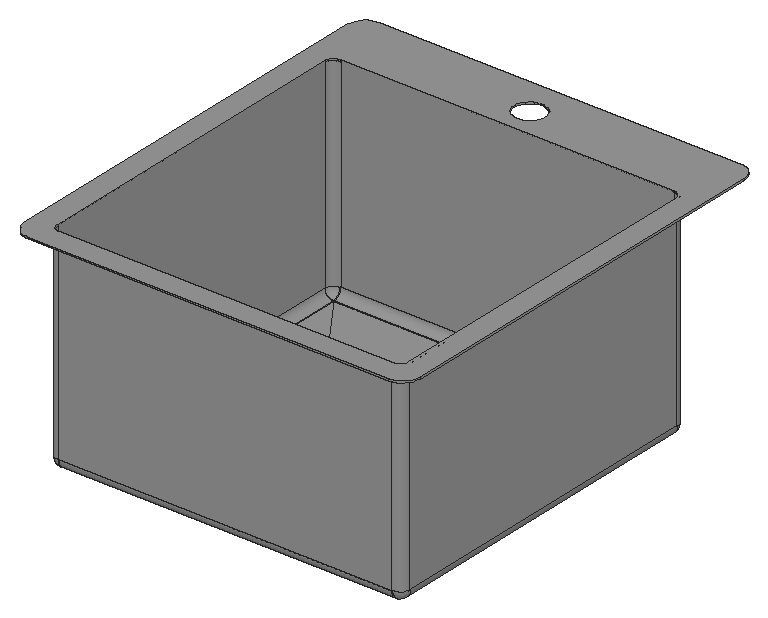
Revit family "BUILDMAT-TLAN002-Kayla-450-Tap-Landing-Stainless-Steel", category Plumbing Fixtures, host Face, Revit 2020
Family settings
  Host = Face
  Round Connector Dimension = Use Diameter
  Part Type = Normal
  Cut with Voids When Loaded = No
  Shared = No
  Room Calculation Point = No
Parameters (values of type "Kayla 450x500x250mm")
  Width = 400.0 mm
  Undermount [instance] = 0.0 mm
  URL = "https://www.buildmat.com.au/products/kayla-450-single-bowl-tap-landing-sink"
  Model = "TLAN002"  # constant formula
  Manufacturer URL = "https://www.buildmat.com.au/"
  Manufacturer = "BUILDMAT"  # constant formula
  Length = 400.0 mm
  Description = "BUILDMAT - Kayla 450x500 Single Bowl with Tap Landing Sink"  # constant formula
  Depth = 250.0 mm
  Default Elevation = 1219.2 mm
  Created By URL = "https://www.buildmat.com.au/"
  Created By = "BUILDMAT"  # constant formula
  Created = "22.06.2022"  # constant formula
  Material = BUILDMAT Stainless Steel
Reference planes
  plane 1 "Center (Front/Back)": y = 0
  plane 2: z = 0
  plane 3 "Center (Left/Right)": x = 0
  plane 4 "Top Substrate": z = 0
  plane 5 "Left": x = -200
  plane 6 "Right": x = 200
  plane 7 "Back": y = 200
  plane 8 "Front": y = -200
  plane 9: x = -225
  plane 10: x = 225
  plane 11: y = -225
  plane 12: y = 275
  plane 13 "Bottom Void": z = -250
  plane 14: z = 1.5
  plane 15: x = -201.5
  plane 16: y = -201.5
  plane 17: x = 201.5
  plane 18: y = 201.5
  plane 19: z = -240
  plane 20: z = -230
  plane 21: x = -190
  plane 22: x = 190
  plane 23: y = -190
  plane 24: y = 190
  plane 25: z = -245
  plane 26: z = -241.5
  plane 27: z = -246.5
  plane 28: x = -100
  plane 29: x = 100
  plane 30 "Sound Pad": z = -130
  plane 31 "Front Bracket": y = -100
  plane 32 "Back Bracket": y = 100
  plane 33: x = -100
  plane 34: x = 100
  plane 35: x = -57
  plane 36: x = 57
  plane 37: x = -45
  plane 38: x = 45
  plane 39: y = 232
  plane 40: y = 251.5
  plane 41: x = -213.2
  plane 42: z = -15
  plane 43: x = 213.2
  plane 44: x = -211.7
  plane 45: x = 211.7
Forms (mm)
  Extrusion 1, void
    sketch origin (0, 0, 0) x (1, 0, 0) y (0, 1, 0)
      loop
        arc (-190, 200) -> (-197.071, 197.071) -> (-200, 190) r 10
        line (-200, 190) -> (-200, -190)
        arc (-200, -190) -> (-197.071, -197.071) -> (-190, -200) r 10
        line (-190, -200) -> (190, -200)
        arc (190, -200) -> (197.071, -197.071) -> (200, -190) r 10
        line (200, -190) -> (200, 190)
        arc (200, 190) -> (197.071, 197.071) -> (190, 200) r 10
        line (190, 200) -> (-190, 200)
    from 0 to 1.5
  Extrusion 2, void
    sketch origin (0, 0, 0) x (1, 0, 0) y (0, 1, 0)
      loop
        line (-201.5, 201.5) -> (-201.5, -201.5) -> (201.5, -201.5) -> (201.5, 201.5) -> (-201.5, 201.5)
    from 0 to -250
  Extrusion 3, void
    sketch origin (0, 0, 0) x (1, 0, 0) y (0, 1, 0)
      loop
        arc (-205, 275) -> (-219.142, 269.142) -> (-225, 255) r 20
        line (-225, 255) -> (-225, -205)
        arc (-225, -205) -> (-219.142, -219.142) -> (-205, -225) r 20
        line (-205, -225) -> (205, -225)
        arc (205, -225) -> (219.142, -219.142) -> (225, -205) r 20
        line (225, -205) -> (225, 255)
        arc (225, 255) -> (219.142, 269.142) -> (205, 275) r 20
        line (205, 275) -> (-205, 275)
    from 1.5 to 0
  Extrusion 4, solid, material "BUILDMAT Stainless Steel" <- "Material"
    sketch origin (0, 0, 0) x (-1, 0, 0) y (0, -1, 0)
      loop
        arc (205, -275) -> (219.142, -269.142) -> (225, -255) r 20
        line (225, -255) -> (225, 205)
        arc (225, 205) -> (219.142, 219.142) -> (205, 225) r 20
        line (205, 225) -> (-205, 225)
        arc (-205, 225) -> (-219.142, 219.142) -> (-225, 205) r 20
        line (-225, 205) -> (-225, -255)
        arc (-225, -255) -> (-219.142, -269.142) -> (-205, -275) r 20
        line (-205, -275) -> (205, -275)
      loop
        arc (190, -200) -> (197.071, -197.071) -> (200, -190) r 10
        line (200, -190) -> (200, 190)
        arc (200, 190) -> (197.071, 197.071) -> (190, 200) r 10
        line (190, 200) -> (-190, 200)
        arc (-190, 200) -> (-197.071, 197.071) -> (-200, 190) r 10
        line (-200, 190) -> (-200, -190)
        arc (-200, -190) -> (-197.071, -197.071) -> (-190, -200) r 10
        line (-190, -200) -> (190, -200)
    from 0 to 1.5
  Extrusion 5, solid, material "BUILDMAT Stainless Steel" <- "Material"
    sketch origin (0, 0, 0) x (-1, 0, 0) y (0, -1, 0)
      loop
        arc (190, -201.5) -> (198.132, -198.132) -> (201.5, -190) r 11.5
        line (201.5, -190) -> (201.5, 190)
        arc (201.5, 190) -> (198.132, 198.132) -> (190, 201.5) r 11.5
        line (190, 201.5) -> (-190, 201.5)
        arc (-190, 201.5) -> (-198.132, 198.132) -> (-201.5, 190) r 11.5
        line (-201.5, 190) -> (-201.5, -190)
        arc (-201.5, -190) -> (-198.132, -198.132) -> (-190, -201.5) r 11.5
        line (-190, -201.5) -> (190, -201.5)
      loop
        arc (-190, 200) -> (-197.071, 197.071) -> (-200, 190) r 10
        line (-200, 190) -> (-200, -190)
        arc (-200, -190) -> (-197.071, -197.071) -> (-190, -200) r 10
        line (-190, -200) -> (190, -200)
        arc (190, -200) -> (197.071, -197.071) -> (200, -190) r 10
        line (200, -190) -> (200, 190)
        arc (200, 190) -> (197.071, 197.071) -> (190, 200) r 10
        line (190, 200) -> (-190, 200)
    from 0 to -230
  Revolve 6, solid, material "BUILDMAT Stainless Steel" <- "Material"
    sketch origin (-175.162, 190, 1219.2) x (-1, 0, 0) y (0, 0, 1)
      loop
        line (-375.162, -1449.2) -> (-376.662, -1449.2)
        arc (-376.662, -1449.2) -> (-373.293, -1457.332) -> (-365.162, -1460.7) r 11.5
        line (-365.162, -1460.7) -> (-365.162, -1459.2)
        arc (-365.162, -1459.2) -> (-372.233, -1456.271) -> (-375.162, -1449.2) r 10
      axis (-365.162, -1460.7) -> (-365.162, -1449.2)
    angle from 0 to -90
  Revolve 7, solid, material "BUILDMAT Stainless Steel" <- "Material"
    sketch origin (-175.162, 190, 1219.2) x (-1, 0, 0) y (0, 0, 1)
      loop
        arc (24.838, -1449.2) -> (21.909, -1456.271) -> (14.838, -1459.2) r 10
        line (14.838, -1459.2) -> (14.838, -1460.7)
        arc (14.838, -1460.7) -> (22.97, -1457.332) -> (26.338, -1449.2) r 11.5
        line (26.338, -1449.2) -> (24.838, -1449.2)
      axis (14.838, -1449.2) -> (14.838, -1460.7)
    angle from 0 to -90
  Revolve 8, solid, material "BUILDMAT Stainless Steel" <- "Material"
    sketch origin (-175.162, -190, 1219.2) x (-1, 0, 0) y (0, 0, 1)
      loop
        arc (24.838, -1449.2) -> (21.909, -1456.271) -> (14.838, -1459.2) r 10
        line (14.838, -1459.2) -> (14.838, -1460.7)
        arc (14.838, -1460.7) -> (22.97, -1457.332) -> (26.338, -1449.2) r 11.5
        line (26.338, -1449.2) -> (24.838, -1449.2)
      axis (14.838, -1449.2) -> (14.838, -1460.7)
    angle from 0 to 90
  Revolve 9, solid, material "BUILDMAT Stainless Steel" <- "Material"
    sketch origin (-175.162, -190, 1219.2) x (-1, 0, 0) y (0, 0, 1)
      loop
        line (-375.162, -1449.2) -> (-376.662, -1449.2)
        arc (-376.662, -1449.2) -> (-373.293, -1457.332) -> (-365.162, -1460.7) r 11.5
        line (-365.162, -1460.7) -> (-365.162, -1459.2)
        arc (-365.162, -1459.2) -> (-372.233, -1456.271) -> (-375.162, -1449.2) r 10
      axis (-365.162, -1449.2) -> (-365.162, -1460.7)
    angle from 0 to 90
  Extrusion 10, solid, material "BUILDMAT Stainless Steel" <- "Material"
    sketch origin (0, 0, 0) x (1, 0, 0) y (0, 0, 1)
      loop
        line (-200, -230) -> (-201.5, -230)
        arc (-201.5, -230) -> (-198.132, -238.132) -> (-190, -241.5) r 11.5
        line (-190, -241.5) -> (-190, -240)
        arc (-190, -240) -> (-197.071, -237.071) -> (-200, -230) r 10
    from -190 to 190
  Extrusion 11, solid, material "BUILDMAT Stainless Steel" <- "Material"
    sketch origin (0, 0, 0) x (1, 0, 0) y (0, 0, 1)
      loop
        arc (200, -230) -> (197.071, -237.071) -> (190, -240) r 10
        line (190, -240) -> (190, -241.5)
        arc (190, -241.5) -> (198.132, -238.132) -> (201.5, -230) r 11.5
        line (201.5, -230) -> (200, -230)
    from -190 to 190
  Extrusion 12, solid, material "BUILDMAT Stainless Steel" <- "Material"
    sketch origin (0, 0, 0) x (0, 1, 0) y (0, 0, 1)
      loop
        arc (200, -230) -> (197.071, -237.071) -> (190, -240) r 10
        line (190, -240) -> (190, -241.5)
        arc (190, -241.5) -> (198.132, -238.132) -> (201.5, -230) r 11.5
        line (201.5, -230) -> (200, -230)
    from -190 to 190
  Extrusion 13, solid, material "BUILDMAT Stainless Steel" <- "Material"
    sketch origin (0, 0, 0) x (0, 1, 0) y (0, 0, 1)
      loop
        line (-200, -230) -> (-201.5, -230)
        arc (-201.5, -230) -> (-198.132, -238.132) -> (-190, -241.5) r 11.5
        line (-190, -241.5) -> (-190, -240)
        arc (-190, -240) -> (-197.071, -237.071) -> (-200, -230) r 10
    from -190 to 190
  Revolve 14, solid, material "BUILDMAT Stainless Steel" <- "Material"
    sketch origin (0, 0, 0) x (1, 0, 0) y (0, 0, 1)
      loop
        line (-45, -250) -> (-45, -248.5)
        spline (-45, -248.5) -> (-46.484, -248.459) -> (-47.939, -248.339) -> (-49.337, -248.141) -> (-50.649, -247.871) -> (-51.848, -247.537) -> (-52.908, -247.151) -> (-53.805, -246.726) -> (-54.514, -246.283) -> (-55.023, -245.856) -> (-55.329, -245.483) -> (-55.468, -245.202) -> (-55.5, -245)
        line (-55.5, -245) -> (-57, -245)
        spline (-57, -245) -> (-56.897, -245.653) -> (-56.591, -246.294) -> (-56.087, -246.913) -> (-55.392, -247.5) -> (-54.52, -248.044) -> (-53.485, -248.536) -> (-52.305, -248.967) -> (-51, -249.33) -> (-49.592, -249.619) -> (-48.106, -249.83) -> (-46.566, -249.957) -> (-45, -250)
      axis (0, -245) -> (0, -250)
    angle from 0 to 360
  Blend 15, solid, material "BUILDMAT Stainless Steel" <- "Material"
    base sketch origin (0, 0, 0) x (-1, 0, 0) y (0, -1, 0)
      loop
        circle (0, 0) r 57
    top sketch origin (0, 0, 0) x (-1, 0, 0) y (0, -1, 0)
      loop
        line (190, -190) -> (190, 190) -> (-190, 190) -> (-190, -190) -> (190, -190)
    from -246.5 to -241.5
  Blend 16, void
    base sketch origin (0, 0, 0) x (-1, 0, 0) y (0, -1, 0)
      loop
        circle (0, 0) r 57
    top sketch origin (0, 0, 0) x (-1, 0, 0) y (0, -1, 0)
      loop
        line (190, -190) -> (190, 190) -> (-190, 190) -> (-190, -190) -> (190, -190)
    from -245 to -240
  Extrusion 17, solid, material "BUILDMAT Stainless Steel" <- "Material"
    sketch origin (0, 0, 0) x (-1, 0, 0) y (0, -1, 0)
      loop
        line (190, -190) -> (190, 190) -> (-190, 190) -> (-190, -190) -> (190, -190)
    from -241.5 to -240
  Extrusion 18, void
    sketch origin (0, 0, 0) x (-1, 0, 0) y (0, -1, 0)
      loop
        circle (0, 0) r 57
    from -250 to -230
  Extrusion 19, void
    sketch origin (0, 0, 0) x (-1, 0, 0) y (0, -1, 0)
      loop
        circle (0, -232) r 17.5
    from 0 to 100
Cuts and joins
  Extrusion 19 cuts Extrusion 4
  Extrusion 19 cuts Extrusion 5
  joined: Extrusion 4, Extrusion 5
  joined: Revolve 6, Revolve 9
  joined: Revolve 7, Revolve 8
  Blend 16, Extrusion 18 cuts Blend 15
  Blend 16, Extrusion 18 cuts Extrusion 17
  joined: Blend 15, Extrusion 17
Lines and regions (mm)
  Masking region 1
    outline origin (0, 0, 0) x (1, 0, 0) y (0, 0, 1)
      loop
        line (200, 0) -> (-200, 0) -> (-200, -230)
        arc (-200, -230) -> (-197.071, -237.071) -> (-190, -240) r 10
        line (-190, -240) -> (-57, -245) -> (57, -245) -> (190, -240)
        arc (190, -240) -> (197.071, -237.071) -> (200, -230) r 10
        line (200, -230) -> (200, 0)
  Masking region 2
    outline origin (0, 0, 0) x (1, 0, 0) y (0, 0, 1)
      loop
        line (-100, -244.883) -> (-100, -250) -> (-57, -250) -> (-57, -246.5) -> (-100, -244.883)
  Masking region 3
    outline origin (0, 0, 0) x (1, 0, 0) y (0, 0, 1)
      loop
        line (57, -246.5) -> (57, -250) -> (100, -250) -> (100, -244.883) -> (57, -246.5)
  Masking region 4
    outline origin (0, 0, 0) x (1, 0, 0) y (0, 0, 1)
      loop
        line (-213.2, 0) -> (-213.2, -15) -> (-211.7, -15) -> (-211.7, 0) -> (-213.2, 0)
  Masking region 5
    outline origin (0, 0, 0) x (1, 0, 0) y (0, 0, 1)
      loop
        line (211.7, 0) -> (211.7, -15) -> (213.2, -15) -> (213.2, 0) -> (211.7, 0)
Text (mm)
  text "Refer to www.buildmat.com.au for the most current product literature. \nAllow a +/- 5mm tolerance for dimensions shown in the product literature. \nPlease note product details are subject to change due to ongoing product development." at (0.056, -1035.857, 0), in view "Ref. Level"
Dimensions and locks
  "Undermount": plane 2 to plane 4 "Top Substrate"
  equal spacing: plane 5 "Left", plane 3 "Center (Left/Right)", plane 6 "Right"
  "Width": plane 5 "Left" to plane 6 "Right"
  "Length": plane 7 "Back" to plane 8 "Front"
  equal spacing: plane 7 "Back", plane 1 "Center (Front/Back)", plane 8 "Front"
  locked: plane 12 to plane 7 "Back" at 75
  locked: plane 8 "Front" to plane 11 at 25
  locked: plane 9 to plane 5 "Left" at 25
  locked: plane 6 "Right" to plane 10 at 25
  "Depth": plane 4 "Top Substrate" to plane 13 "Bottom Void"
  locked: plane 14 to plane 4 "Top Substrate" at 1.5
  locked: plane 18 to plane 7 "Back" at 1.5
  locked: plane 8 "Front" to plane 16 at 1.5
  plane 15 to plane 5 "Left" = 1.5 mm
  plane 6 "Right" to plane 17 = 1.5 mm
  plane 20 to plane 19 to plane 13 "Bottom Void" = 10.0 mm, 10.0 mm
  locked: plane 5 "Left" to plane 21 at 10
  locked: plane 22 to plane 6 "Right" at 10
  locked: plane 7 "Back" to plane 24 at 10
  locked: plane 23 to plane 8 "Front" at 10
  locked: plane 19 to plane 26 at 1.5
  locked: plane 25 to plane 13 "Bottom Void" at 5
  locked: plane 25 to plane 27 at 1.5
  plane 29 to plane 3 "Center (Left/Right)" to plane 28 = 100.0 mm locked, 100.0 mm locked
  locked: plane 30 "Sound Pad" to plane 13 "Bottom Void" at 120
  locked: plane 7 "Back" to plane 32 "Back Bracket" at 100
  locked: plane 31 "Front Bracket" to plane 8 "Front" at 100
  locked: plane 33 to plane 5 "Left" at 100
  locked: plane 6 "Right" to plane 34 at 100
  plane 37 to plane 3 "Center (Left/Right)" to plane 38 = 45.0 mm locked, 45.0 mm locked
  plane 35 to plane 3 "Center (Left/Right)" to plane 36 = 57.0 mm locked, 57.0 mm locked
  locked: plane 12 to plane 39 at 43
  locked: plane 40 to plane 18 at 50
  plane 44 to plane 41 to plane 9 = 1.5 mm locked, 11.8 mm locked
  plane 10 to plane 43 to plane 45 = 11.8 mm locked, 1.5 mm locked
  locked: plane 4 "Top Substrate" to plane 42 at 15
  aligned and locked: plane 2 to host face
  aligned and locked: level to host face
  aligned and locked: plane 8 "Front" to Extrusion 1 sketch curve
  aligned and locked: Extrusion 1 sketch curve to plane 7 "Back"
  aligned and locked: plane 5 "Left" to Extrusion 1 sketch curve
  aligned and locked: Extrusion 1 sketch curve to plane 6 "Right"
  aligned and locked: plane 2 to Extrusion 1
  aligned and locked: Extrusion 1 to plane 14
  aligned and locked: Extrusion 2 sketch curve to plane 16
  aligned and locked: Extrusion 2 sketch curve to plane 18
  aligned and locked: plane 15 to Extrusion 2 sketch curve
  aligned and locked: plane 17 to Extrusion 2 sketch curve
  aligned and locked: Extrusion 2 to plane 13 "Bottom Void"
  aligned and locked: plane 4 "Top Substrate" to Extrusion 2
  aligned and locked: plane 11 to Extrusion 3 sketch curve
  aligned and locked: plane 9 to Extrusion 3 sketch curve
  aligned and locked: Extrusion 3 sketch curve to plane 10
  aligned and locked: Extrusion 3 sketch curve to plane 12
  aligned and locked: Extrusion 3 to plane 4 "Top Substrate"
  aligned and locked: Extrusion 3 to plane 14
  aligned and locked: plane 11 to Extrusion 4 sketch curve
  aligned and locked: Extrusion 4 sketch curve to plane 12
  aligned and locked: plane 9 to Extrusion 4 sketch curve
  aligned and locked: Extrusion 4 sketch curve to plane 10
  aligned and locked: plane 5 "Left" to Extrusion 4 sketch curve
  aligned and locked: Extrusion 4 sketch curve to plane 6 "Right"
  aligned and locked: Extrusion 4 sketch curve to plane 7 "Back"
  aligned and locked: plane 8 "Front" to Extrusion 4 sketch curve
  aligned and locked: Extrusion 5 sketch curve to plane 7 "Back"
  aligned and locked: plane 5 "Left" to Extrusion 5 sketch curve
  aligned and locked: Extrusion 5 sketch curve to plane 6 "Right"
  aligned and locked: plane 8 "Front" to Extrusion 5 sketch curve
  aligned and locked: plane 15 to Extrusion 5 sketch curve
  aligned and locked: Extrusion 5 sketch curve to plane 16
  aligned and locked: plane 17 to Extrusion 5 sketch curve
  aligned and locked: Extrusion 5 sketch curve to plane 18
  aligned and locked: Extrusion 5 to plane 20
  aligned and locked: plane 4 "Top Substrate" to Extrusion 5
  aligned and locked: Extrusion 11 to plane 23
  aligned and locked: plane 24 to Extrusion 11
  aligned and locked: plane 24 to Extrusion 10
  aligned and locked: Extrusion 10 to plane 23
  aligned and locked: Extrusion 13 to plane 21
  aligned and locked: plane 22 to Extrusion 13
  aligned and locked: plane 22 to Extrusion 12
  aligned and locked: Extrusion 12 to plane 21
  aligned and locked: plane 21 to Blend 15 sketch curve
  aligned and locked: Blend 15 sketch curve to plane 22
  aligned and locked: Blend 15 sketch curve to plane 23
  aligned and locked: Blend 15 sketch curve to plane 24
  aligned and locked: plane 27 to Blend 15
  aligned and locked: Blend 15 to plane 26
  aligned and locked: Blend 16 sketch curve to plane 24
  aligned and locked: plane 21 to Blend 16 sketch curve
  aligned and locked: Blend 16 sketch curve to plane 22
  aligned and locked: Blend 16 sketch curve to plane 23
  aligned and locked: Blend 16 to plane 25
  aligned and locked: plane 19 to Blend 16
  aligned and locked: Extrusion 17 sketch curve to plane 24
  aligned and locked: Extrusion 17 sketch curve to plane 23
  aligned and locked: plane 21 to Extrusion 17 sketch curve
  aligned and locked: Extrusion 17 sketch curve to plane 22
  aligned and locked: Extrusion 17 to plane 26
  aligned and locked: plane 19 to Extrusion 17
  aligned and locked: Extrusion 18 to plane 13 "Bottom Void"
  aligned and locked: plane 20 to Extrusion 18
  aligned and locked: cut or joined group of Blend 15, Blend 16, Extrusion 17, Extrusion 18 to Masking region 2 sketch curve
  aligned and locked: Masking region 3 sketch curve to cut or joined group of Blend 15, Blend 16, Extrusion 17, Extrusion 18
  aligned and locked: plane 3 "Center (Left/Right)" to nested 1
  aligned and locked: nested 1 to plane 30 "Sound Pad"
  aligned and locked: plane 31 "Front Bracket" to nested 3
  aligned and locked: plane 15 to nested 3
  aligned and locked: plane 31 "Front Bracket" to nested 5
  aligned and locked: plane 17 to nested 5
  aligned and locked: plane 32 "Back Bracket" to nested 4
  aligned and locked: plane 17 to nested 4
  aligned and locked: plane 32 "Back Bracket" to nested 2
  aligned and locked: plane 15 to nested 2
  aligned and locked: nested 6 to plane 4 "Top Substrate"
  aligned and locked: nested 6 to plane 33
  aligned and locked: nested 7 to plane 4 "Top Substrate"
  aligned and locked: nested 7 to plane 34
  aligned and locked: nested 10 to plane 33
  aligned and locked: nested 11 to plane 34
  aligned and locked: plane 16 to nested 10
  aligned and locked: plane 16 to nested 11
  aligned and locked: plane 33 to nested 8
  aligned and locked: plane 34 to nested 9
  aligned and locked: nested 12 to plane 23
  aligned and locked: nested 12 to plane 24
  aligned and locked: plane 22 to nested 12
  aligned and locked: plane 21 to nested 12
  aligned and locked: plane 3 "Center (Left/Right)" to nested 13
  aligned and locked: plane 1 "Center (Front/Back)" to nested 13
  aligned and locked: plane 4 "Top Substrate" to Masking region 1
  aligned and locked: nested 9 to plane 40
  aligned and locked: nested 8 to plane 40
  aligned and locked: Extrusion 19 to plane 4 "Top Substrate"
  aligned and locked: Masking region 4 sketch curve to plane 4 "Top Substrate"
  aligned and locked: Masking region 4 sketch curve to plane 42
  aligned and locked: Masking region 4 sketch curve to plane 41
  aligned and locked: Masking region 4 sketch curve to plane 44
  aligned and locked: Masking region 5 sketch curve to plane 4 "Top Substrate"
  aligned and locked: Masking region 5 sketch curve to plane 42
  aligned and locked: Masking region 5 sketch curve to plane 43
  aligned and locked: Masking region 5 sketch curve to plane 45
Automatic sketch dimensions
  host sketch curve to host sketch curve = 2438.4 mm  (x2)
  plane 5 "Left" to Extrusion 1 sketch curve = 10.0 mm  (x2)
  Extrusion 1 sketch curve to plane 6 "Right" = 10.0 mm  (x2)
  Extrusion 4 sketch curve to plane 10 = 20.0 mm  (x2)
  Extrusion 4 sketch curve to Extrusion 4 sketch curve = 10.0 mm  (x2)
  plane 5 "Left" to Extrusion 4 sketch curve = 10.0 mm
  plane 9 to Extrusion 4 sketch curve = 20.0 mm
  plane 8 "Front" to Extrusion 4 sketch curve = 10.0 mm
  plane 11 to Extrusion 4 sketch curve = 20.0 mm
  Extrusion 3 sketch curve to plane 5 "Left" = 5.0 mm
  plane 6 "Right" to Extrusion 3 sketch curve = 5.0 mm  (x2)
  plane 7 "Back" to Extrusion 3 sketch curve = 55.0 mm
  plane 5 "Left" to Extrusion 5 sketch curve = 10.0 mm
  Extrusion 5 sketch curve to plane 6 "Right" = 10.0 mm
  plane 8 "Front" to Extrusion 5 sketch curve = 10.0 mm
  Extrusion 5 sketch curve to plane 7 "Back" = 10.0 mm
  Extrusion 5 sketch curve to Extrusion 5 sketch curve = 0.0 mm  (x4)
  Revolve 6 sketch curve to Revolve 6 sketch curve = 0.0 mm  (x3)
  plane 17 to Revolve 6 sketch curve = 0.0 mm
  Revolve 6 sketch curve to plane 6 "Right" = 0.0 mm
  Revolve 6 sketch curve to plane 22 = 0.0 mm  (x2)
  Revolve 6 sketch curve to plane 19 = 0.0 mm
  Revolve 6 sketch curve to plane 20 = 0.0 mm
  Revolve 7 sketch curve to Revolve 7 sketch curve = 0.0 mm  (x3)
  Revolve 7 sketch curve to plane 20 = 0.0 mm  (x2)
  Revolve 7 sketch curve to plane 21 = 0.0 mm  (x2)
  Revolve 7 sketch curve to plane 5 "Left" = 0.0 mm
  Revolve 7 sketch curve to plane 15 = 0.0 mm
  Revolve 8 sketch curve to Revolve 8 sketch curve = 0.0 mm  (x3)
  Revolve 8 sketch curve to plane 20 = 0.0 mm  (x2)
  Revolve 8 sketch curve to plane 21 = 0.0 mm  (x2)
  Revolve 8 sketch curve to plane 5 "Left" = 0.0 mm
  Revolve 8 sketch curve to plane 15 = 0.0 mm
  Revolve 9 sketch curve to Revolve 9 sketch curve = 0.0 mm  (x3)
  plane 17 to Revolve 9 sketch curve = 0.0 mm
  Revolve 9 sketch curve to plane 6 "Right" = 0.0 mm
  Revolve 9 sketch curve to plane 22 = 0.0 mm  (x2)
  Revolve 9 sketch curve to plane 20 = 0.0 mm
  Revolve 9 sketch curve to plane 19 = 0.0 mm
  Extrusion 10 sketch curve to plane 15 = 0.0 mm
  Extrusion 10 sketch curve to plane 5 "Left" = 0.0 mm
  Extrusion 10 sketch curve to plane 19 = 0.0 mm
  Extrusion 10 sketch curve to plane 21 = 0.0 mm
  Extrusion 11 sketch curve to plane 20 = 0.0 mm
  Extrusion 11 sketch curve to plane 22 = 0.0 mm
  Extrusion 11 sketch curve to plane 6 "Right" = 0.0 mm
  plane 17 to Extrusion 11 sketch curve = 0.0 mm
  Extrusion 12 sketch curve to plane 20 = 0.0 mm
  Extrusion 12 sketch curve to plane 24 = 0.0 mm
  Extrusion 12 sketch curve to plane 7 "Back" = 0.0 mm
  Extrusion 12 sketch curve to plane 18 = 0.0 mm
  Extrusion 13 sketch curve to plane 16 = 0.0 mm
  Extrusion 13 sketch curve to plane 8 "Front" = 0.0 mm
  Extrusion 13 sketch curve to plane 23 = 0.0 mm
  Extrusion 13 sketch curve to plane 19 = 0.0 mm
  Revolve 14 sketch curve to plane 25 = 0.0 mm
  Revolve 14 sketch curve to plane 13 "Bottom Void" = 0.0 mm  (x2)
  Revolve 14 sketch curve to plane 3 "Center (Left/Right)" = 0.0 mm
  Revolve 14 sketch curve to plane 20 = 0.0 mm
  Revolve 14 sketch curve to plane 3 "Center (Left/Right)" = 45.0 mm
  Revolve 14 sketch curve to Revolve 14 sketch curve = 10.5 mm
  Revolve 14 sketch curve to Revolve 14 sketch curve = 1.5 mm  (x2)
  Revolve 14 sketch curve to Revolve 14 sketch curve = 0.0 mm
  plane 1 "Center (Front/Back)" to Blend 15 sketch curve = 0.0 mm
  Blend 15 sketch curve to plane 3 "Center (Left/Right)" = 0.0 mm
  plane 1 "Center (Front/Back)" to Blend 16 sketch curve = 0.0 mm
  Blend 16 sketch curve to plane 3 "Center (Left/Right)" = 0.0 mm
  plane 1 "Center (Front/Back)" to Extrusion 18 sketch curve = 0.0 mm
  Extrusion 18 sketch curve to plane 3 "Center (Left/Right)" = 0.0 mm
  Masking region 1 sketch curve to level = 0.0 mm
  Masking region 1 sketch curve to plane 20 = 0.0 mm
  Masking region 1 sketch curve to plane 21 = 0.0 mm
  Masking region 1 sketch curve to plane 25 = 0.0 mm
  Masking region 1 sketch curve to plane 3 "Center (Left/Right)" = 57.0 mm
  plane 3 "Center (Left/Right)" to Masking region 1 sketch curve = 57.0 mm
  Masking region 1 sketch curve to plane 19 = 0.0 mm
  Masking region 1 sketch curve to plane 22 = 0.0 mm
  Masking region 1 sketch curve to plane 6 "Right" = 0.0 mm
  Masking region 1 sketch curve to plane 5 "Left" = 0.0 mm
  Masking region 2 sketch curve to plane 28 = 0.0 mm
  Masking region 2 sketch curve to plane 13 "Bottom Void" = 0.0 mm
  Masking region 2 sketch curve to plane 27 = 0.0 mm
  Masking region 3 sketch curve to plane 27 = 0.0 mm
  Masking region 3 sketch curve to plane 13 "Bottom Void" = 0.0 mm
  Masking region 3 sketch curve to plane 29 = 0.0 mm
  Extrusion 19 sketch curve to plane 3 "Center (Left/Right)" = 0.0 mm
  Extrusion 19 sketch curve to plane 39 = 0.0 mm
  radius of Blend 15 sketch curve = 57.0 mm
  radius of Blend 16 sketch curve = 57.0 mm
  radius of Extrusion 18 sketch curve = 57.0 mm
  radius of Extrusion 19 sketch curve = 17.5 mm
Nested families
  nested 1: "SP_Front" at (0, 0, -130) x (1, 0, 0) z (0, -1, 0), type "SP_Front", not visible
  nested 2: "TMB_Plan" at (-201.5, 100, 0) x (0, 1, 0) z (0, 0, 1), type "TMB_Plan"
  nested 3: "TMB_Plan" at (-201.5, -100, 0) x (0, 1, 0) z (0, 0, 1), type "TMB_Plan"
  nested 4: "TMB_Plan" at (201.5, 100, 0) x (0, -1, 0) z (0, 0, 1), type "TMB_Plan"
  nested 5: "TMB_Plan" at (201.5, -100, 0) x (0, -1, 0) z (0, 0, 1), type "TMB_Plan"
  nested 6: "TMB_Front" at (-100, 0, 0) x (1, 0, 0) z (0, -1, 0), type "TMB_Front"
  nested 7: "TMB_Front" at (100, 0, 0) x (1, 0, 0) z (0, -1, 0), type "TMB_Front"
  nested 8: "TMB_Plan" at (-100, 251.5, 0), type "TMB_Plan"
  nested 9: "TMB_Plan" at (100, 251.5, 0), type "TMB_Plan"
  nested 10: "TMB_Plan" at (-100, -201.5, 0) x (-1, 0, 0) z (0, 0, 1), type "TMB_Plan"
  nested 11: "TMB_Plan" at (100, -201.5, 0) x (-1, 0, 0) z (0, 0, 1), type "TMB_Plan"
  nested 12: "BOWL Plan" at (0, 0, -130), type "BOWL Plan"
    with Width 380.0 mm, Lenght 380.0 mm
  nested 13: "DRAIN" at (0, 0, 0), type "DRAIN"
Definition of nested family "SP_Front"
  Reference planes
    plane 1 "Center (Elevation)": y = 0
    plane 2: z = 0
    plane 3 "Center (Left/Right)": x = 0
  Lines and regions (mm)
    Masking region 1, in view "Ref. Level"
      outline origin (0, 0, 0) x (1, 0, 0) y (0, 1, 0)
        loop
          arc (-50, 40) -> (-57.071, 37.071) -> (-60, 30) r 10
          line (-60, 30) -> (-60, -30)
          arc (-60, -30) -> (-57.071, -37.071) -> (-50, -40) r 10
          line (-50, -40) -> (50, -40)
          arc (50, -40) -> (57.071, -37.071) -> (60, -30) r 10
          line (60, -30) -> (60, 30)
          arc (60, 30) -> (57.071, 37.071) -> (50, 40) r 10
          line (50, 40) -> (-50, 40)
    detail lines, in view "Ref. Level"
      curve 1: line (-50, 40, 0) -> (50, 40, 0)
      curve 2: line (50, -40, 0) -> (-50, -40, 0)
      curve 3: line (60, 30, 0) -> (60, -30, 0)
      curve 4: line (-60, 30, 0) -> (-60, -30, 0)
      curve 5: arc (-50, 40, 0) -> (-57.071, 37.071, 0) -> (-60, 30, 0) r 10
      curve 6: arc (-60, -30, 0) -> (-57.071, -37.071, 0) -> (-50, -40, 0) r 10
      curve 7: arc (50, -40, 0) -> (57.071, -37.071, 0) -> (60, -30, 0) r 10
      curve 8: arc (60, 30, 0) -> (57.071, 37.071, 0) -> (50, 40, 0) r 10
  Dimensions and locks
    aligned and locked: Masking region 1 sketch curve to curve 1
    aligned and locked: Masking region 1 sketch curve to curve 4
    aligned and locked: Masking region 1 sketch curve to curve 2
    aligned and locked: Masking region 1 sketch curve to curve 3
Definition of nested family "TMB_Plan"
  Reference planes
    plane 1 "Center (Front/Back)": y = 0
    plane 2: z = 0
    plane 3 "Center (Left/Right)": x = 0
  Lines and regions (mm)
    detail lines, in view "Ref. Level"
      curve 1: line (-17.5, 0, 0) -> (17.5, 0, 0)
      curve 2: line (17.5, 0, 0) -> (17.5, 5, 0)
      curve 3: line (17.5, 5, 0) -> (12.5, 5, 0)
      curve 4: line (-17.5, 0, 0) -> (-17.5, 5, 0)
      curve 5: line (-17.5, 5, 0) -> (-12.5, 5, 0)
Definition of nested family "TMB_Front"
  Reference planes
    plane 1 "Center (Elevation)": y = 0
    plane 2: z = 0
    plane 3 "Center (Left/Right)": x = 0
  Lines and regions (mm)
    Masking region 1, in view "Ref. Level"
      outline origin (0, 0, 0) x (1, 0, 0) y (0, 1, 0)
        loop
          line (-17.5, 0) -> (-17.5, -80) -> (17.5, -80) -> (17.5, 0) -> (-17.5, 0)
    detail lines, in view "Ref. Level"
      curve 1: line (-17.5, 0, 0) -> (-17.5, -80, 0)
      curve 2: line (-17.5, -80, 0) -> (17.5, -80, 0)
      curve 3: line (17.5, -80, 0) -> (17.5, 0, 0)
      curve 4: line (-12.5, -50, 0) -> (12.5, -50, 0)
      curve 5: line (-12.5, -75, 0) -> (-12.5, -50, 0)
      curve 6: line (12.5, -75, 0) -> (-12.5, -75, 0)
      curve 7: line (12.5, -50, 0) -> (12.5, -75, 0)
Definition of nested family "BOWL Plan"
  Parameters (values of type "BOWL Plan")
    Width [instance] = 600.0 mm
    Lenght [instance] = 400.0 mm
  Reference planes
    plane 1 "Center (Front/Back)": y = 0
    plane 2: z = 0
    plane 3 "Center (Left/Right)": x = 0
    plane 4 "Left": x = -300
    plane 5 "Right": x = 300
    plane 6 "Back": y = 200
    plane 7 "Front": y = -200
  Lines and regions (mm)
    Masking region 1, in view "Ref. Level"
      outline origin (0, 0, 0) x (1, 0, 0) y (0, 1, 0)
        loop
          line (-300, 200) -> (-300, -200) -> (300, -200) -> (300, 200) -> (-300, 200)
    detail lines, in view "Ref. Level"
      curve 1: line (-300, 200, 0) -> (300, -200, 0)
      curve 2: line (-300, -200, 0) -> (300, 200, 0)
  Dimensions and locks
    equal spacing: plane 6 "Back", plane 1 "Center (Front/Back)", plane 7 "Front"
    "Lenght": plane 6 "Back" to plane 7 "Front"
    equal spacing: plane 4 "Left", plane 3 "Center (Left/Right)", plane 5 "Right"
    "Width": plane 4 "Left" to plane 5 "Right"
    aligned and locked: plane 4 "Left" to Masking region 1 sketch curve
    aligned and locked: Masking region 1 sketch curve to plane 5 "Right"
    aligned and locked: plane 7 "Front" to Masking region 1 sketch curve
    aligned and locked: Masking region 1 sketch curve to plane 6 "Back"
  Automatic sketch dimensions
    curve 2 to plane 4 "Left" = 0.0 mm
    curve 1 to plane 4 "Left" = 0.0 mm
    curve 2 to plane 5 "Right" = 0.0 mm
    curve 1 to plane 5 "Right" = 0.0 mm
    curve 1 to plane 7 "Front" = 0.0 mm
    curve 2 to plane 7 "Front" = 0.0 mm
    curve 2 to plane 6 "Back" = 0.0 mm
    curve 1 to plane 6 "Back" = 0.0 mm
Definition of nested family "DRAIN"
  Reference planes
    plane 1 "Center (Front/Back)": y = 0
    plane 2: z = 0
    plane 3 "Center (Left/Right)": x = 0
  Lines and regions (mm)
    Masking region 1, in view "Ref. Level"
      outline origin (0, 0, 0) x (1, 0, 0) y (0, 1, 0)
        loop
          circle (0, 0) r 57
    detail lines, in view "Ref. Level"
      curve 1: circle (0, 0, 0) r 45 normal (0, 0, 1)
      curve 2: circle (0, 0, 0) r 55.5 normal (0, 0, 1)
